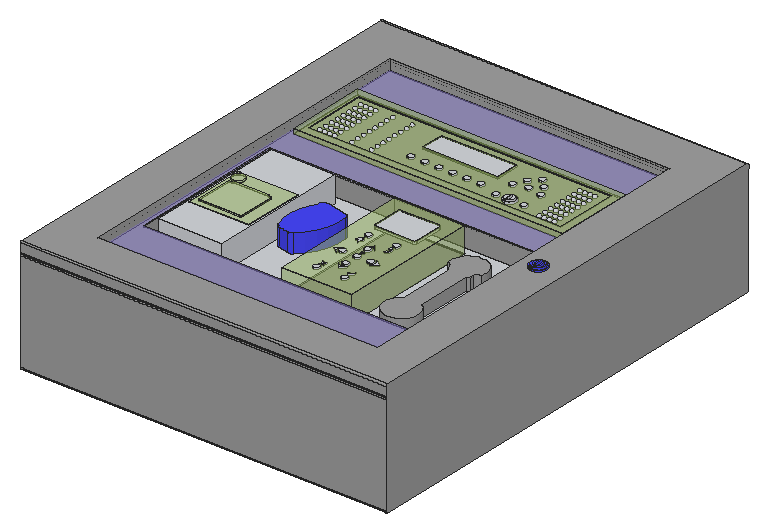
Revit family "Maxlogic Intelligent Addressable Fire Alarm Control Panel, up to 16 Loops, Printer, Telephone, Announce NPTA", category Fire Alarm Devices, host Face, Revit 2022 (continued)
Forms (mm)
  Extrusion 152, solid
    sketch origin (-360, 0, -50) x (1, 0, 0) y (0, 0, 1)
      loop
        arc (574.511, 96.743) -> (574.427, 95.036) -> (574.511, 93.33) r 17.356
        line (574.511, 93.33) -> (575.838, 93.33)
        arc (575.838, 93.33) -> (586.7, 84.067) -> (597.562, 93.33) r 11
        line (597.562, 93.33) -> (598.889, 93.33)
        arc (598.889, 93.33) -> (598.973, 95.036) -> (598.889, 96.743) r 17.356
        line (598.889, 96.743) -> (597.572, 96.743)
        arc (597.572, 96.743) -> (586.7, 106.067) -> (575.828, 96.743) r 11
    from -403.653 to -401.7
  Extrusion 153, solid
    sketch origin (-400, 0, -50) x (1, 0, 0) y (0, 0, 1)
      loop
        line (575.828, 96.743) -> (574.511, 96.743)
        arc (574.511, 96.743) -> (574.427, 95.036) -> (574.511, 93.33) r 17.356
        line (574.511, 93.33) -> (575.838, 93.33)
        arc (575.838, 93.33) -> (586.7, 84.067) -> (597.562, 93.33) r 11
        line (597.562, 93.33) -> (598.889, 93.33)
        arc (598.889, 93.33) -> (598.973, 95.036) -> (598.889, 96.743) r 17.356
        line (598.889, 96.743) -> (597.572, 96.743)
        arc (597.572, 96.743) -> (586.7, 106.067) -> (575.828, 96.743) r 11
    from -403.653 to -401.7
  Extrusion 154, solid
    sketch origin (-440, 0, -50) x (1, 0, 0) y (0, 0, 1)
      loop
        line (575.828, 96.743) -> (574.511, 96.743)
        arc (574.511, 96.743) -> (574.427, 95.036) -> (574.511, 93.33) r 17.356
        line (574.511, 93.33) -> (575.838, 93.33)
        arc (575.838, 93.33) -> (586.7, 84.067) -> (597.562, 93.33) r 11
        line (597.562, 93.33) -> (598.889, 93.33)
        arc (598.889, 93.33) -> (598.973, 95.036) -> (598.889, 96.743) r 17.356
        line (598.889, 96.743) -> (597.572, 96.743)
        arc (597.572, 96.743) -> (586.7, 106.067) -> (575.828, 96.743) r 11
    from -403.653 to -401.7
  Extrusion 155, solid
    sketch origin (-480, 0, 0) x (1, 0, 0) y (0, 0, 1)
      loop
        line (575.828, 96.743) -> (574.511, 96.743)
        arc (574.511, 96.743) -> (574.427, 95.036) -> (574.511, 93.33) r 17.356
        line (574.511, 93.33) -> (575.838, 93.33)
        arc (575.838, 93.33) -> (586.7, 84.067) -> (597.562, 93.33) r 11
        line (597.562, 93.33) -> (598.889, 93.33)
        arc (598.889, 93.33) -> (598.973, 95.036) -> (598.889, 96.743) r 17.356
        line (598.889, 96.743) -> (597.572, 96.743)
        arc (597.572, 96.743) -> (586.7, 106.067) -> (575.828, 96.743) r 11
    from -403.653 to -401.7
  Extrusion 156, solid
    sketch origin (-480, 0, -50) x (1, 0, 0) y (0, 0, 1)
      loop
        line (575.828, 96.743) -> (574.511, 96.743)
        arc (574.511, 96.743) -> (574.427, 95.036) -> (574.511, 93.33) r 17.356
        line (574.511, 93.33) -> (575.838, 93.33)
        arc (575.838, 93.33) -> (586.7, 84.067) -> (597.562, 93.33) r 11
        line (597.562, 93.33) -> (598.889, 93.33)
        arc (598.889, 93.33) -> (598.973, 95.036) -> (598.889, 96.743) r 17.356
        line (598.889, 96.743) -> (597.572, 96.743)
        arc (597.572, 96.743) -> (586.7, 106.067) -> (575.828, 96.743) r 11
    from -403.653 to -401.7
  Extrusion 157, solid
    sketch origin (-520, 0, 0) x (1, 0, 0) y (0, 0, 1)
      loop
        line (575.828, 96.743) -> (574.511, 96.743)
        arc (574.511, 96.743) -> (574.427, 95.036) -> (574.511, 93.33) r 17.356
        line (574.511, 93.33) -> (575.838, 93.33)
        arc (575.838, 93.33) -> (586.7, 84.067) -> (597.562, 93.33) r 11
        line (597.562, 93.33) -> (598.889, 93.33)
        arc (598.889, 93.33) -> (598.973, 95.036) -> (598.889, 96.743) r 17.356
        line (598.889, 96.743) -> (597.572, 96.743)
        arc (597.572, 96.743) -> (586.7, 106.067) -> (575.828, 96.743) r 11
    from -403.653 to -401.7
  Extrusion 158, solid
    sketch origin (-520, 0, -50) x (1, 0, 0) y (0, 0, 1)
      loop
        line (575.828, 96.743) -> (574.511, 96.743)
        arc (574.511, 96.743) -> (574.427, 95.036) -> (574.511, 93.33) r 17.356
        line (574.511, 93.33) -> (575.838, 93.33)
        arc (575.838, 93.33) -> (586.7, 84.067) -> (597.562, 93.33) r 11
        line (597.562, 93.33) -> (598.889, 93.33)
        arc (598.889, 93.33) -> (598.973, 95.036) -> (598.889, 96.743) r 17.356
        line (598.889, 96.743) -> (597.572, 96.743)
        arc (597.572, 96.743) -> (586.7, 106.067) -> (575.828, 96.743) r 11
    from -403.653 to -401.7
Cuts and joins
  Extrusion 6, Extrusion 8, Extrusion 108 cuts Extrusion 1
  Extrusion 8, Extrusion 106 cuts Extrusion 7
  Extrusion 110 cuts Extrusion 109
Dimensions and locks
  aligned and locked: plane 2 to host face
  aligned and locked: level to host face
Connectors
  electrical at (326.654, 387.95, 183.35)
    settings: on cut or joined group of Extrusion 1, Extrusion 6, Extrusion 8, Extrusion 108, index 1, voltage 0 V, apparent load 0 VA, apparent load phase1 0 VA, apparent load phase2 0 VA, apparent load phase3 0 VA, power factor 1, load classification "Other", number of poles 1, system type 31, power factor state 1, is connector primary yes, connector utility no, sub classification motor no, connector description ""
Types (18, lengths in mm): name | Product Code | Mounting surface | Description
  (no name) | "ML-1259.NPTA" | "Wall Mount" | "Intelligent Addressable Fire alarm control panel, 9 loops, 1143 address, network, printer, tel. PA."
  Maxlogic Intelligent Addressable Fire alarm control panel, 0 loop, network, printer, tel. PA. | "ML-1250.NPTA" | "Wall mount" | "Intelligent Addressable Fire alarm control panel, 0 loop, network, printer, tel. PA."
  Maxlogic Intelligent Addressable Fire alarm control panel, 1 loop, 127 address, network, printer, tel. PA. | "ML-1251.NPTA" | "Wall mount" | "Intelligent Addressable Fire alarm control panel, 1 loop, 127 address, network, printer, tel. PA."
  Maxlogic Intelligent Addressable Fire alarm control panel, 2 loops, 254 address, network, printer, tel. PA. | "ML-1252.NPTA" | "Wall mount" | "Intelligent Addressable Fire alarm control panel, 2 loops, 254 address, network, printer, tel. PA."
  Maxlogic Intelligent Addressable Fire alarm control panel, 3 loops, 381 address, network, printer, tel. PA. | "ML-1253.NPTA" | "Wall mount" | "Intelligent Addressable Fire alarm control panel, 3 loops, 381 address, network, printer, tel. PA."
  Maxlogic Intelligent Addressable Fire alarm control panel, 4 loops, 508 address, network, printer, tel. PA. | "ML-1254.NPTA" | "Wall Mount" | "Intelligent Addressable Fire alarm control panel, 4 loops, 508 address, network, printer, tel. PA."
  Maxlogic Intelligent Addressable Fire alarm control panel, 5 loops, 635 address, network, printer, tel. PA. | "ML-1255.NPTA" | "Wall Mount" | "Intelligent Addressable Fire alarm control panel, 5 loops, 635 address, network, printer, tel. PA."
  Maxlogic Intelligent Addressable Fire alarm control panel, 6 loops, 762 address, network, printer, tel. PA. | "ML-1256.NPTA" | "Wall Mount" | "Intelligent Addressable Fire alarm control panel, 6 loops, 762 address, network, printer, tel. PA."
  Maxlogic Intelligent Addressable Fire alarm control panel, 7 loops, 889 address, network, printer, tel. PA. | "ML-1257.NPTA" | "Wall Mount" | "Intelligent Addressable Fire alarm control panel, 7 loops, 889 address, network, printer, tel. PA."
  Maxlogic Intelligent Addressable Fire alarm control panel, 8 loops, 1016 address, network, printer, tel. PA. | "ML-1258.NPTA" | "Wall Mount" | "Intelligent Addressable Fire alarm control panel, 8 loops, 1016 address, network, printer, tel. PA."
  Maxlogic Intelligent Addressable Fire alarm control panel, 9 loops, 1143 address, network, printer, tel. PA. | "ML-1259.NPTA" | "Wall Mount" | "Intelligent Addressable Fire alarm control panel, 9 loops, 1143 address, network, printer, tel. PA."
  Maxlogic Intelligent Addressable Fire alarm control panel, 10 loops, 1270 address, network, printer, tel. PA. | "ML-12510.NPTA" | "Wall Mount" | "Intelligent Addressable Fire alarm control panel, 10 loops, 1270 address, network, printer, tel. PA."
  Maxlogic Intelligent Addressable Fire alarm control panel, 11 loops, 1397 address, network, printer, tel. PA. | "ML-12511.NPTA" | "Wall Mount" | "Intelligent Addressable Fire alarm control panel, 11 loops, 1397 address, network, printer, tel. PA."
  Maxlogic Intelligent Addressable Fire alarm control panel, 12 loops, 1524 address, network, printer, tel. PA. | "ML-12512.NPTA" | "Wall Mount" | "Intelligent Addressable Fire alarm control panel, 12 loops, 1524 address, network, printer, tel. PA."
  Maxlogic Intelligent Addressable Fire alarm control panel, 13 loops, 1651 address, network, printer, tel. PA. | "ML-12513.NPTA" | "Wall Mount" | "Intelligent Addressable Fire alarm control panel, 13 loops, 1651 address, network, printer, tel. PA."
  Maxlogic Intelligent Addressable Fire alarm control panel, 14 loops, 1778 address, network, printer, tel. PA. | "ML-12514.NPTA" | "Wall Mount" | "Intelligent Addressable Fire alarm control panel, 14 loops, 1778 address, network, printer, tel. PA."
  Maxlogic Intelligent Addressable Fire alarm control panel, 15 loops, 1905 address, network, printer, tel. PA. | "ML-12515.NPTA" | "Wall Mount" | "Intelligent Addressable Fire alarm control panel, 15 loops, 1905 address, network, printer, tel. PA."
  Maxlogic Intelligent Addressable Fire alarm control panel, 16 loops, 2032 address, network, printer, tel. PA. | "ML-12516.NPTA" | "Wall Mount" | "Intelligent Addressable Fire alarm control panel, 16 loops, 2032 address, network, printer, tel. PA."
